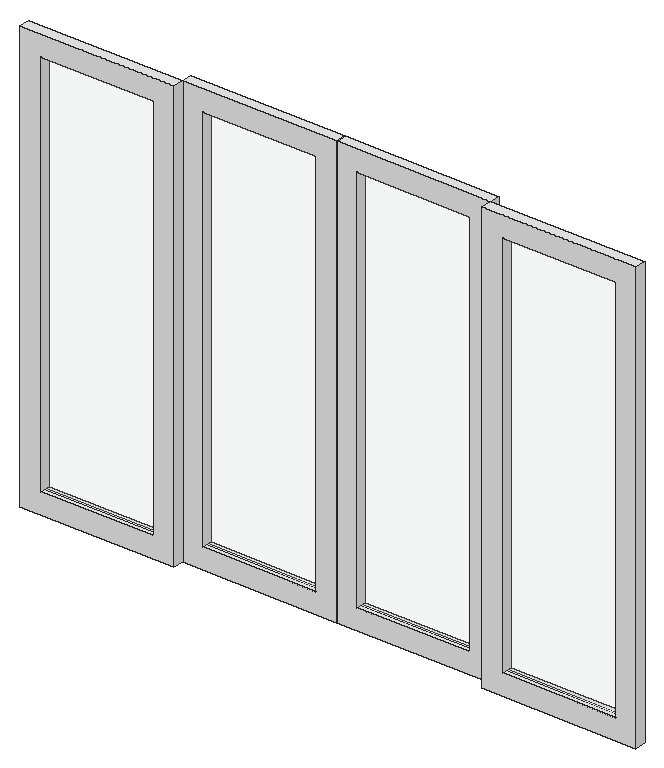
Revit family "CW Sliding Double Glass w Side Panels", category Doors, Revit 2015
Parameters (values of type "50mm")
  Thickness = 50.00 mm
  Model = ""
  Material = none
  Material Glass = none
  Function = Interior
  Rail Width = 100.00 mm
  Construction Type = ""
  CQUnit = "pcs"
  CQKeynoteText = ""
Reference planes
  plane 1 "Center (Front/Back)": y = 0
  plane 2: z = 0
  plane 3 "Center (Left/Right)": x = -503.077
  plane 4: x = -2003.077
  plane 5: x = 996.923
  plane 6 "Top": z = 2100
  plane 7: x = 246.923
  plane 8: x = -1253.077
  plane 9: y = -25
  plane 10: y = 25
  plane 11: z = 1050
Forms (mm)
  Extrusion 1, solid, material <- "Material"
    sketch origin (0, 0, 0) x (1, 0, 0) y (0, 0, 1)
      loop
        line (-1253.077, 0) -> (-1253.077, 2100) -> (-2003.077, 2100) -> (-2003.077, 0) -> (-1253.077, 0)
      loop
        line (-1353.077, 2000) -> (-1903.077, 2000) -> (-1903.077, 100) -> (-1353.077, 100) -> (-1353.077, 2000)
    from 0 to 50
  Extrusion 2, solid, material <- "Material Glass"
    sketch origin (0, 0, 0) x (1, 0, 0) y (0, 0, 1)
      loop
        line (-1353.077, 100) -> (-1353.077, 2000) -> (-1903.077, 2000) -> (-1903.077, 100) -> (-1353.077, 100)
    from 20 to 30
  Extrusion 3, solid, material <- "Material"
    sketch origin (-937.503, 0, 0) x (-1, 0, 0) y (0, 0, -1)
      loop
        line (-1184.426, 0) -> (-1934.426, 0) -> (-1934.426, -2100) -> (-1184.426, -2100) -> (-1184.426, 0)
      loop
        line (-1284.426, -2000) -> (-1284.426, -100) -> (-1834.426, -100) -> (-1834.426, -2000) -> (-1284.426, -2000)
    from 0 to 50
  Extrusion 4, solid, material <- "Material Glass"
    sketch origin (-937.503, 0, 0) x (-1, 0, 0) y (0, 0, -1)
      loop
        line (-1284.426, -100) -> (-1834.426, -100) -> (-1834.426, -2000) -> (-1284.426, -2000) -> (-1284.426, -100)
    from 20 to 30
  Extrusion 5, solid, material <- "Material"
    sketch origin (1465.675, 0, 0) x (1, 0, 0) y (0, 0, 1)
      loop
        line (-1218.752, 0) -> (-1218.752, 2100) -> (-1968.752, 2100) -> (-1968.752, 0) -> (-1218.752, 0)
      loop
        line (-1318.752, 2000) -> (-1868.752, 2000) -> (-1868.752, 100) -> (-1318.752, 100) -> (-1318.752, 2000)
    from -50 to 0
  Extrusion 6, solid, material <- "Material Glass"
    sketch origin (1465.675, 0, 0) x (1, 0, 0) y (0, 0, 1)
      loop
        line (-1318.752, 100) -> (-1318.752, 2000) -> (-1868.752, 2000) -> (-1868.752, 100) -> (-1318.752, 100)
    from -30 to -20
  Extrusion 7, solid, material <- "Material"
    sketch origin (-2403.178, 0, 0) x (-1, 0, 0) y (0, 0, -1)
      loop
        line (-1150.101, 0) -> (-1900.101, 0) -> (-1900.101, -2100) -> (-1150.101, -2100) -> (-1150.101, 0)
      loop
        line (-1250.101, -2000) -> (-1250.101, -100) -> (-1800.101, -100) -> (-1800.101, -2000) -> (-1250.101, -2000)
    from -50 to 0
  Extrusion 8, solid, material <- "Material Glass"
    sketch origin (-2403.178, 0, 0) x (-1, 0, 0) y (0, 0, -1)
      loop
        line (-1250.101, -100) -> (-1800.101, -100) -> (-1800.101, -2000) -> (-1250.101, -2000) -> (-1250.101, -100)
    from -30 to -20
Lines and regions (mm)
  symbolic lines, style "Plan Swing"
    curve 1: line (-603.077, 125, 0) -> (-1153.077, 125, 0)
    curve 2: line (-1153.077, 125, 0) -> (-1044.32, 175.714, 0)
    curve 3: line (-403.077, 125, 0) -> (146.923, 125, 0)
    curve 4: line (146.923, 125, 0) -> (38.166, 175.714, 0)
  symbolic lines, style "Elevation Swing"
    curve 5: line (246.923, 0, 1050) -> (-1253.077, 0, 1050)
    curve 6: line (-1253.077, 0, 1050) -> (-1079.872, 0, 1150)
    curve 7: line (-1253.077, 0, 1050) -> (-1079.872, 0, 950)
    curve 8: line (246.923, 0, 1050) -> (73.718, 0, 1150)
    curve 9: line (246.923, 0, 1050) -> (73.718, 0, 950)
Text (mm)
  text "Exterior" at (-1161.5, 797.241, 0), in view "Ref. Level"
Dimensions and locks
  equal spacing: plane 4, plane 3 "Center (Left/Right)", plane 5
  equal spacing: plane 4, plane 8, plane 3 "Center (Left/Right)"
  equal spacing: plane 3 "Center (Left/Right)", plane 7, plane 5
  equal spacing: plane 9, plane 1 "Center (Front/Back)", plane 10
  "Thickness": plane 9 to plane 10
  equal spacing: Extrusion 2, plane 9, Extrusion 2
  equal spacing: Extrusion 1, plane 9, Extrusion 1
  locked: Extrusion 2 to Extrusion 2 at 10
  equal spacing: Extrusion 6, plane 10, Extrusion 6
  equal spacing: Extrusion 4, plane 9, Extrusion 4
  equal spacing: Extrusion 3, plane 9, Extrusion 3
  locked: Extrusion 4 to Extrusion 4 at 10
  "Thickness": plane 1 "Center (Front/Back)" to Extrusion 7
  equal spacing: Extrusion 8, plane 10, Extrusion 8
  locked: Extrusion 8 to Extrusion 8 at 10
  "Thickness": plane 1 "Center (Front/Back)" to Extrusion 5
  locked: Extrusion 6 to Extrusion 6 at 10
  "Thickness": Extrusion 3 to plane 1 "Center (Front/Back)"
  equal spacing: plane 2, plane 11, plane 6 "Top"
  "Rail Width": plane 4 to Extrusion 1
  "Rail Width": Extrusion 1 to plane 8
  "Rail Width": plane 8 to Extrusion 7
  "Rail Width": plane 3 "Center (Left/Right)" to Extrusion 7
  "Rail Width": Extrusion 5 to plane 3 "Center (Left/Right)"
  "Rail Width": Extrusion 5 to plane 7
  "Rail Width": plane 7 to Extrusion 3
  "Rail Width": Extrusion 3 to plane 5
  "Rail Width": Extrusion 3 to plane 6 "Top"
  "Rail Width": level to Extrusion 3
  "Rail Width": level to Extrusion 5
  "Rail Width": Extrusion 5 to plane 6 "Top"
  "Rail Width": Extrusion 7 to plane 6 "Top"
  "Rail Width": level to Extrusion 7
  "Rail Width": level to Extrusion 1
  "Rail Width": Extrusion 1 to plane 6 "Top"
  locked: curve 1 to Extrusion 7 at 75
  locked: curve 3 to Extrusion 5 at 75
  aligned and locked: plane 2 to Extrusion 1 sketch curve
  aligned and locked: Extrusion 1 sketch curve to plane 6 "Top"
  aligned and locked: Extrusion 1 sketch curve to plane 8
  aligned and locked: Extrusion 2 to Extrusion 1  (x4)
  aligned and locked: Extrusion 1 to plane 1 "Center (Front/Back)"
  aligned and locked: Extrusion 3 to Extrusion 4  (x4)
  aligned and locked: Extrusion 6 to Extrusion 5  (x4)
  aligned and locked: Extrusion 7 to Extrusion 8  (x4)
Automatic sketch dimensions
  plane 4 to Extrusion 1 sketch curve = 0.00 mm
  Extrusion 1 sketch curve to plane 4 = 100.00 mm
  level to Extrusion 1 sketch curve = 100.00 mm
  plane 6 "Top" to Extrusion 1 sketch curve = 100.00 mm
  Extrusion 2 sketch curve to plane 4 = 100.00 mm
  plane 8 to Extrusion 2 sketch curve = 100.00 mm
  level to Extrusion 2 sketch curve = 100.00 mm
  plane 6 "Top" to Extrusion 2 sketch curve = 100.00 mm
  Extrusion 3 sketch curve to level = 0.00 mm
  plane 5 to Extrusion 3 sketch curve = 0.00 mm
  plane 7 to Extrusion 3 sketch curve = 0.00 mm
  Extrusion 3 sketch curve to plane 6 "Top" = 0.00 mm
  Extrusion 3 sketch curve to plane 5 = 100.00 mm
  Extrusion 3 sketch curve to level = 100.00 mm
  Extrusion 3 sketch curve to plane 6 "Top" = 100.00 mm
  Extrusion 4 sketch curve to plane 5 = 100.00 mm
  plane 7 to Extrusion 4 sketch curve = 100.00 mm
  Extrusion 4 sketch curve to level = 100.00 mm
  Extrusion 4 sketch curve to plane 6 "Top" = 100.00 mm
  Extrusion 5 sketch curve to level = 0.00 mm
  Extrusion 5 sketch curve to plane 3 "Center (Left/Right)" = 0.00 mm
  plane 7 to Extrusion 5 sketch curve = 0.00 mm
  Extrusion 5 sketch curve to plane 6 "Top" = 0.00 mm
  plane 3 "Center (Left/Right)" to Extrusion 5 sketch curve = 100.00 mm
  level to Extrusion 5 sketch curve = 100.00 mm
  plane 6 "Top" to Extrusion 5 sketch curve = 100.00 mm
  plane 3 "Center (Left/Right)" to Extrusion 6 sketch curve = 100.00 mm
  plane 7 to Extrusion 6 sketch curve = 100.00 mm
  level to Extrusion 6 sketch curve = 100.00 mm
  plane 6 "Top" to Extrusion 6 sketch curve = 100.00 mm
  Extrusion 7 sketch curve to level = 0.00 mm
  Extrusion 7 sketch curve to plane 3 "Center (Left/Right)" = 0.00 mm
  plane 8 to Extrusion 7 sketch curve = 0.00 mm
  Extrusion 7 sketch curve to plane 6 "Top" = 0.00 mm
  plane 3 "Center (Left/Right)" to Extrusion 7 sketch curve = 100.00 mm
  Extrusion 7 sketch curve to level = 100.00 mm
  Extrusion 7 sketch curve to plane 6 "Top" = 100.00 mm
  plane 3 "Center (Left/Right)" to Extrusion 8 sketch curve = 100.00 mm
  plane 8 to Extrusion 8 sketch curve = 100.00 mm
  Extrusion 8 sketch curve to level = 100.00 mm
  Extrusion 8 sketch curve to plane 6 "Top" = 100.00 mm
  plane 8 to curve 5 = 0.00 mm
  plane 7 to curve 9 = 0.00 mm
  curve 5 to plane 11 = 0.00 mm
  curve 6 to plane 8 = 173.205 mm
  curve 7 to plane 8 = 173.205 mm
  plane 7 to curve 9 = 173.205 mm
  plane 7 to curve 8 = 173.205 mm
  curve 9 to plane 11 = 100.00 mm
  curve 7 to plane 11 = 100.00 mm
  plane 11 to curve 8 = 100.00 mm
  plane 11 to curve 6 = 100.00 mm
  curve 1 to plane 8 = 100.00 mm
  curve 1 to curve 2 = 108.757 mm
  curve 1 to plane 3 "Center (Left/Right)" = 100.00 mm
  plane 3 "Center (Left/Right)" to curve 3 = 100.00 mm
  plane 7 to curve 4 = 208.757 mm
  plane 7 to curve 3 = 100.00 mm
  curve 3 to curve 4 = 50.714 mm
  curve 1 to curve 2 = 50.714 mm
  plane 8 to Extrusion 1 sketch curve = 100.00 mm
  plane 8 to Extrusion 7 sketch curve = 100.00 mm
  plane 7 to Extrusion 5 sketch curve = 100.00 mm
  plane 7 to Extrusion 3 sketch curve = 100.00 mm
